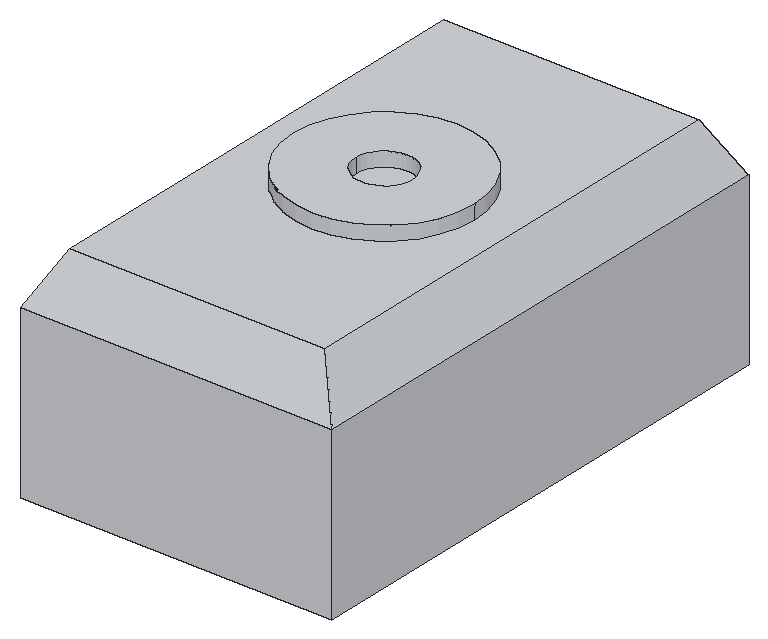
Revit family "0620cb8fc4ba4aa3af547d9bf647d7fb", category Fire Alarm Devices, host Face, Revit 2021
Family settings
  Host = Face
  Maintain Annotation Orientation = Yes
  Round Connector Dimension = Use Diameter
  Part Type = Normal
  OmniClass Number = 23.85.30.21.11.17
  OmniClass Title = Other Components
  Seek Item ID = Fire Alarm Hold Open - Wall Mounted-0000-USA-ENU
  Cut with Voids When Loaded = No
  Shared = No
  Room Calculation Point = No
Parameters (values of type "Standard")
  Door Holder Material = none
  Default Elevation = 1' - 6"
Reference planes (in)
  plane 1 "Center (Front/Back)": y = 0
  plane 2: z = 0
  plane 3 "Center (Left/Right)": x = 0
  plane 4: x = 1.375
  plane 5: x = -1.375
  plane 6: y = 2.0625
  plane 7: y = -2.0625
  plane 8: x = -1.125
  plane 9: x = 1.125
  plane 10: y = 2.3
  plane 11: y = -2.3
  plane 12: z = -1.5
  plane 13: z = 0.45
  plane 14: z = 0.575
Forms (in)
  Extrusion 1, solid, material <- "Door Holder Material"
    sketch origin (0, 0, 0) x (1, 0, 0) y (0, 1, 0)
      loop
        circle (0, 0) r 0.8
    from 0.45 to 0.575
  Extrusion 2, void
    sketch origin (0, 0, 0) x (1, 0, 0) y (0, 1, 0)
      loop
        circle (0, 0) r 0.25
    from 0.45 to 0.575
  Extrusion 3, solid, material <- "Door Holder Material"
    sketch origin (0, 0, 0) x (1, 0, 0) y (0, 1, 0)
      loop
        line (-1.375, 2.3) -> (-1.375, -2.3) -> (1.375, -2.3) -> (1.375, 2.3) -> (-1.375, 2.3)
    from -1.5 to 0
  Blend 4, solid, material <- "Door Holder Material"
    base sketch origin (0, 0, 0) x (1, 0, 0) y (0, 1, 0)
      loop
        line (-1.375, 2.3) -> (-1.375, -2.3) -> (1.375, -2.3) -> (1.375, 2.3) -> (-1.375, 2.3)
    top sketch origin (0, 0, 0) x (1, 0, 0) y (0, 1, 0)
      loop
        line (-1.125, 2.0625) -> (-1.125, -2.0625) -> (1.125, -2.0625) -> (1.125, 2.0625) -> (-1.125, 2.0625)
    from 0 to 0.45
Cuts and joins
  Extrusion 2 cuts Extrusion 1
Lines and regions (in)
  symbolic lines, detail levels fine
    curve 1: line (-1.375, 0, 0) -> (-1.375, 0, -1.5)
    curve 2: line (-1.375, 0, -1.5) -> (1.375, 0, -1.5)
    curve 3: line (1.375, 0, -1.5) -> (1.375, 0, 0)
    curve 4: line (-1.125, 0, 0.45) -> (-1.375, 0, 0)
    curve 5: line (1.375, 0, 0) -> (1.125, 0, 0.45)
    curve 6: line (1.125, 0, 0.45) -> (-1.125, 0, 0.45)
    curve 7: line (0.8, 0, 0.575) -> (-0.8, 0, 0.575)
    curve 8: line (0.8, 0, 0.575) -> (0.8, 0, 0.45)
    curve 9: line (-0.8, 0, 0.575) -> (-0.8, 0, 0.45)
    curve 10: line (-1.375, 0, 0) -> (1.375, 0, 0)
Dimensions and locks (in)
  equal spacing: plane 5, plane 3 "Center (Left/Right)", plane 4
  locked: plane 5 to plane 4 at 2.75
  plane 5 to plane 8 = 0' - 0 1/4"
  plane 9 to plane 4 = 0' - 0 1/4"
  equal spacing: plane 11, plane 1 "Center (Front/Back)", plane 10
  locked: plane 11 to plane 10 at 4.6
  locked: plane 6 to plane 10 at 0.2375
  locked: plane 7 to plane 11 at 0.2375
  locked: plane 13 to plane 12 at 1.95
  locked: plane 2 to plane 12 at 1.5
  locked: plane 14 to plane 13 at 0.125
  radius of Extrusion 1 sketch curve = 0' - 0.8"
  radius of Extrusion 2 sketch curve = 0' - 0 1/4"
  aligned and locked: plane 2 to host face
  aligned and locked: level to host face
  aligned and locked: plane 1 "Center (Front/Back)" to Extrusion 1 sketch curve
  aligned and locked: plane 3 "Center (Left/Right)" to Extrusion 1 sketch curve
  aligned and locked: plane 1 "Center (Front/Back)" to Extrusion 2 sketch curve
  aligned and locked: plane 3 "Center (Left/Right)" to Extrusion 2 sketch curve
  aligned and locked: plane 5 to Extrusion 3 sketch curve
  aligned and locked: plane 10 to Extrusion 3 sketch curve
  aligned and locked: plane 11 to Extrusion 3 sketch curve
  aligned and locked: Extrusion 3 sketch curve to plane 4
  aligned: Extrusion 3 to plane 2
  aligned and locked: plane 5 to Blend 4 sketch curve
  aligned and locked: plane 10 to Blend 4 sketch curve
  aligned and locked: Extrusion 3 to Blend 4 sketch curve
  aligned and locked: Blend 4 sketch curve to Extrusion 3
  aligned and locked: plane 8 to Blend 4 sketch curve
  aligned and locked: plane 6 to Blend 4 sketch curve
  aligned and locked: plane 7 to Blend 4 sketch curve
  aligned and locked: Blend 4 sketch curve to plane 9
  aligned and locked: Extrusion 3 to plane 12
  aligned and locked: plane 2 to Extrusion 3
  aligned and locked: Blend 4 to plane 2
  aligned and locked: plane 13 to Blend 4
  aligned and locked: Extrusion 1 to Blend 4
  aligned and locked: Extrusion 1 to plane 14
  aligned and locked: Extrusion 1 to Extrusion 2  (x2)
  aligned and locked: plane 1 "Center (Front/Back)" to nested 1
  aligned and locked: plane 3 "Center (Left/Right)" to nested 1
  aligned and locked: curve 1 to Extrusion 3
  aligned and locked: curve 2 to Extrusion 3
  aligned and locked: curve 3 to Extrusion 3
  aligned and locked: curve 4 to Blend 4
  aligned and locked: curve 5 to Blend 4
  aligned and locked: curve 6 to Blend 4
  aligned and locked: curve 7 to cut or joined group of Extrusion 1, Extrusion 2
  aligned and locked: curve 8 to cut or joined group of Extrusion 1, Extrusion 2
  aligned and locked: curve 9 to cut or joined group of Extrusion 1, Extrusion 2
  aligned and locked: curve 10 to Extrusion 3
Automatic sketch dimensions
  host sketch curve to host sketch curve = 8' - 0"  (x2)
Nested families (in)
  nested 1: "Fire Alarm Hold Open - Wall Mounted Annotation" at (0, 0, 0), type "Fire Alarm Hold Open - Wall Mounted Annotation", detail levels coarse+medium
Connectors (in)
  electrical at (0, 2.3, -0.75)
    settings: on Extrusion 3, index 1, voltage 0 V, apparent load 0 VA, apparent load phase1 0 VA, apparent load phase2 0 VA, apparent load phase3 0 VA, power factor 1, load classification "Other", number of poles 1, system type 11, power factor state 1, is connector primary yes, connector utility no, sub classification motor no, connector description ""
Definition of nested family "Fire Alarm Hold Open - Wall Mounted Annotation"
  Parameters
    Label Annotation = "AIM"
  Reference planes (in)
    plane 1: y = 0
    plane 2: x = 0
  Lines and regions (in)
    Filled region 1, type "Filled region 1"
      outline origin (0, 0.125, 0) x (1, 0, 0) y (0, 1, 0)
        loop
          line (-0.0625, 0.0625) -> (0.0625, -0.0625) -> (0.0625, 0.0625) -> (-0.0625, 0.0625)
    reference lines
      curve 1: line (-0.0625, 0.27504, 0) -> (-0.0625, -0.20271, 0)
      curve 2: line (0.0625, 0.33661, 0) -> (0.0625, -0.23226, 0)
      curve 3: line (-0.43796, 0.1875, 0) -> (0.78352, 0.1875, 0)
      curve 8: line (-0.70815, 0.0625, 0) -> (0.79185, 0.0625, 0)
      curve 10: line (-0.03125, 0.03666, 0) -> (-0.03125, -0.16487, 0)
      curve 11: line (0.03125, 0.03666, 0) -> (0.03125, -0.16487, 0)
    detail lines
      curve 4: line (-0.0625, 0.1875, 0) -> (0.0625, 0.1875, 0)
      curve 5: line (-0.0625, 0.0625, 0) -> (-0.0625, 0.1875, 0)
      curve 6: line (0.0625, 0.0625, 0) -> (-0.0625, 0.0625, 0)
      curve 7: line (0.0625, 0.1875, 0) -> (0.0625, 0.0625, 0)
      curve 9: line (-0.0625, 0.1875, 0) -> (0.0625, 0.0625, 0)
      curve 12: line (0, 0.0625, 0) -> (0, 0, 0)
      curve 13: line (-0.03125, 0, 0) -> (0.03125, 0, 0)
  Dimensions and locks (in)
    locked: curve 1 to plane 2 at 0.0625
    locked: plane 2 to curve 2 at 0.0625
    locked: curve 8 to curve 3 at 0.125
    locked: plane 1 to curve 8 at 0.0625
    locked: curve 10 to plane 2 at 0.03125
    locked: plane 2 to curve 11 at 0.03125
    aligned and locked: curve 3 to curve 4
    aligned and locked: curve 5 to curve 1
    aligned and locked: curve 2 to curve 7
    aligned and locked: curve 6 to curve 8
    aligned and locked: curve 3 to curve 9
    aligned and locked: curve 1 to curve 9
    aligned and locked: curve 8 to curve 9
    aligned and locked: curve 2 to curve 9
    aligned and locked: Filled region 1 sketch curve to curve 9
    aligned and locked: Filled region 1 sketch curve to curve 4
    aligned and locked: Filled region 1 sketch curve to curve 7
    aligned and locked: curve 8 to curve 12
    aligned and locked: plane 1 to curve 12
    aligned and locked: curve 12 to plane 2
    aligned and locked: curve 10 to curve 13
    aligned and locked: curve 11 to curve 13
    aligned and locked: plane 1 to curve 13
